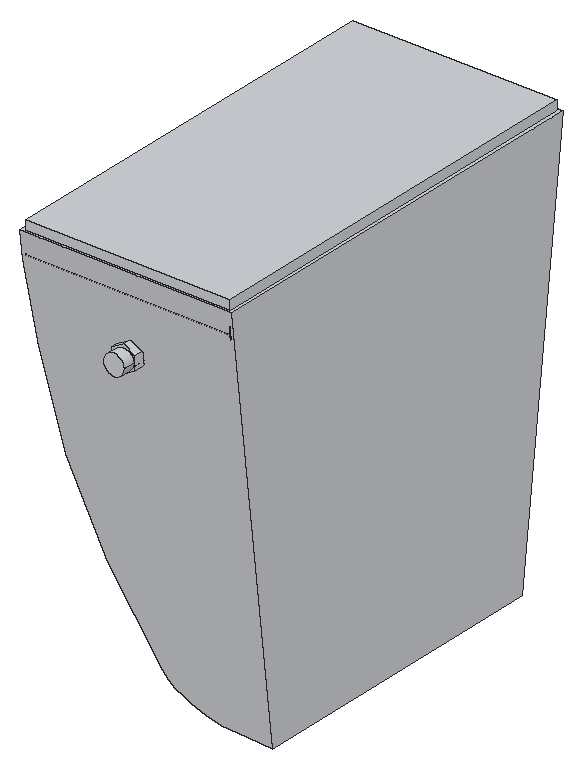
Revit family "0049944_1700lm", category Lighting Fixtures, host Face, Revit 2018
Family settings
  Host = Face
  Round Connector Dimension = Use Diameter
  Part Type = Normal
  OmniClass Number = 23.80.70.00
  OmniClass Title = Lighting
  Cut with Voids When Loaded = No
  Light Source = Yes
  Shared = No
  Room Calculation Point = No
Parameters (values of type "0049944 MURO SURF IP65 1700-3250LM 840 PH GR")
  Weight = "n/a"
  Wattage Comments = ""
  Wattage = 0 W
  WarrantyStartDate [instance] = "n/a"
  WarrantyGuarantorParts = "n/a"
  WarrantyDurationUnit = "n/a"
  WarrantyDurationParts = ""
  WarrantyDescription = "http://www.sylvania-lighting.com"
  built-in parameter 1150110 = 1 (stored number, unit not read)
  Voltage = 0 V
  URL = "0.9"
  TypeName = "Muro Surface IP65 1700-3250lm 840 PH Grey"
  Type Image = <None>
  Type Comments = "n/a"
  built-in parameter 1114217 = 1 (stored number, unit not read)
  Tilt Angle = -90.00°
  built-in parameter 1150109 = 1 (stored number, unit not read)
  built-in parameter 1150134 = 12
  built-in parameter 1150113 = 1 (stored number, unit not read)
  SerialNumber [instance] = "n/a"
  Photometric Web File = "0049944_1700lm.IES"
  Material_3_SYL = none
  PowerFactor = 0.95
  PowerConsumption = "Lighting"
  NominalLength = 155 mm
  NominalHeight = 305 mm
  NominalDepth = 155 mm
  Name = "Muro Surface IP65 1700-3250lm 840 PH Grey"
  ModelReference = Name  # "Muro Surface IP65 1700-3250lm 840 PH Grey"
  ModelNumber = "0049944"
  Model = Name  # "Muro Surface IP65 1700-3250lm 840 PH Grey"
  Material = "Feilo Sylvania"
  ManufacturerName = "116 lm/W"
  Manufacturer = ""
  LuminousEfficacy = ""
  built-in parameter 1150105 = (empty or 0)
  Lumens = 0 lm
  LuminaireType = "0"
  built-in parameter 1150115 = 1 (stored number, unit not read)
  LightOutputRatio = "LED"
  built-in parameter 1150137 = (empty or 0)
  built-in parameter 1150139 = (empty or 0)
  LampsType = Lamp  # "n/a"
  LampNominalLuminous = "4000 K"
  LampMacAdamStep = "80"
  LampColourTemperature = "LED"
  LampColourRenderingIndex = "16500"
  built-in parameter 1150112 = 1 (stored number, unit not read)
  built-in parameter 1150114 = 1 (stored number, unit not read)
  Lamp = "n/a"
  Keynote = "n/a"
  InstallationDate [instance] = "n/a"
  InputVoltage = "0"
  InputNominalFrequency = "4000"
  built-in parameter 1150132 = (empty or 0)
  built-in parameter 1150102 = (empty or 0)
  built-in parameter 1150107 = 4000 (stored number, unit not read)
  built-in parameter 1150138 = (empty or 0)
  IngressProtection = "IfcLightFixtureType"
  ImpactProtectionIndex = "IfcLightFixtureType"
  built-in parameter 1150106 = (empty or 0)
  IfcExportType = "IfcLightFixtureType"
  IfcExportAs = "Class I"
  Emit from Circle Diameter = 609.6 mm
  Emit Shape Visible in Rendering = no
  ElectricShockClassification = "116"
  built-in parameter 1150104 = 10.591 (stored number, unit not read)
  DocumentationLiterature = "http://www.sylvania-lighting.com/product/en-int/products/0049944"
  DimmingControlOptions = "n/a"
  Material_2_SYL = none
  Dimming Lamp Color Temperature Shift = <None>
  Description = "Muro Surface is a wall mounted fixture for exterior lighting applications. Comes with aluminium housing in RAL7016 anthracite grey colour, frosted PC diffuser, IP65, IK10, Class I, 4000K, non-dimmable multipower driver with 5 settings, 1700 / 1900 / 2750 / 3150 / 3250 lm, 14 / 16 / 24 / 27 / 28 W, up to 121 lm/W total system efficacy, switchable built in Mini photocell, CRI80, Asymmetrical beam, 119.000 hrs L70B50 lifespan, 304 x 305 x 155 mm (L x W x D) dimensions, 4.1 kg weight."
  Default Elevation = 1219.2 mm
  CreatedOn = "27/06/2022"
  CreatedBy = "@sylvania-lighting.com"
  Cost = 0
  Color Filter = 16777215
  built-in parameter 1114216 [instance] = (empty or 0)
  ClassificationValue = "EF_70_80"
  ClassificationName = "Uniclass2015"
  Material_1_SYL = none
  BarCode [instance] = "n/a"
  built-in parameter 1114218 = 1 (stored number, unit not read)
  built-in parameter 1150133 = 10 (stored number, unit not read)
  AssetType = "Fixed"
  AssetIdentifier [instance] = "n/a"
  Assembly Code = "D5020200"
  Apparent Load = 28 VA
  Material_4_SYL = none
Reference planes
  plane 1 "Center (Front/Back)": y = 0
  plane 2: z = 0
  plane 3 "Center (Left/Right)": x = 0
  plane 4: x = -78
  plane 5: x = 78
  plane 6: z = -305
  plane 7: y = 150
  plane 8: y = -150
  plane 9: x = -75
  plane 10: x = 75
  plane 11: y = 115
  plane 12: y = -115
  plane 13: z = -65
  plane 14: x = -2
Forms (mm)
  Extrusion 1, solid
    sketch origin (0, 0, 0) x (1, 0, 0) y (0, 0, 1)
      loop
        line (78, -310) -> (78, -6.48) -> (-78, -6.48) -> (-78, -26.48) -> (-72.235, -85.387)
        arc (-72.235, -85.387) -> (-48.397, -189.323) -> (-0.704, -284.698) r 448.659
        arc (-0.704, -284.698) -> (5.844, -292.285) -> (14.114, -297.948) r 38.9
        line (14.114, -297.948) -> (19.517, -300.701)
        arc (19.517, -300.701) -> (35.277, -306.672) -> (51.956, -309.091) r 77.403
        line (51.956, -309.091) -> (78, -310)
    from -152 to 152
  Extrusion 2, solid
    sketch origin (0, 0, 0) x (1, 0, 0) y (0, 1, 0)
      loop
        line (75, 150) -> (-75, 150) -> (-75, -150) -> (75, -150) -> (75, 150)
    from -26.48 to 0
  Extrusion 3, void
    sketch origin (319, 1524, 1219.2) x (0, 1, 0) y (0, 0, 1)
      loop
        line (-1412.802, -1554.876) -> (-1285.02, -1554.876) -> (-1262, -1225.68) -> (-1372, -1225.68) -> (-1412.802, -1554.876)
    from -490.123 to 1
  Extrusion 4, void
    sketch origin (319, -1524, 1219.2) x (0, -1, 0) y (0, 0, -1)
      loop
        line (-1412.802, 1554.876) -> (-1372, 1225.68) -> (-1262, 1225.68) -> (-1285.02, 1554.876) -> (-1412.802, 1554.876)
    from -490.123 to 1
  Extrusion 5, solid
    sketch origin (0, 0, 0) x (1, 0, 0) y (0, 0, 1)
      loop
        circle (-2, -65) r 7.5
    from 0 to 160.393
  Extrusion 6, solid
    sketch origin (0, 0, 0) x (1, 0, 0) y (0, 0, 1)
      loop
        line (-2, -55) -> (-10.66, -60) -> (-10.66, -70) -> (-2, -75) -> (6.66, -70) -> (6.66, -60) -> (-2, -55)
    from 0 to 152
Cuts and joins
  Extrusion 3, Extrusion 4 cuts Extrusion 1
  Extrusion 4 cuts Extrusion 2
Dimensions and locks
  aligned and locked: plane 2 to host face
  aligned and locked: level to host face
Connectors
  electrical at (78, 0, -158.24)
    settings: on cut or joined group of Extrusion 1, Extrusion 3, Extrusion 4, index 1, voltage 0 V, apparent load 0 VA, apparent load phase1 0 VA, apparent load phase2 0 VA, apparent load phase3 0 VA, power factor 1, load classification "Other", number of poles 1, system type 31, power factor state 1, is connector primary yes, connector utility no, sub classification motor no, connector description ""
